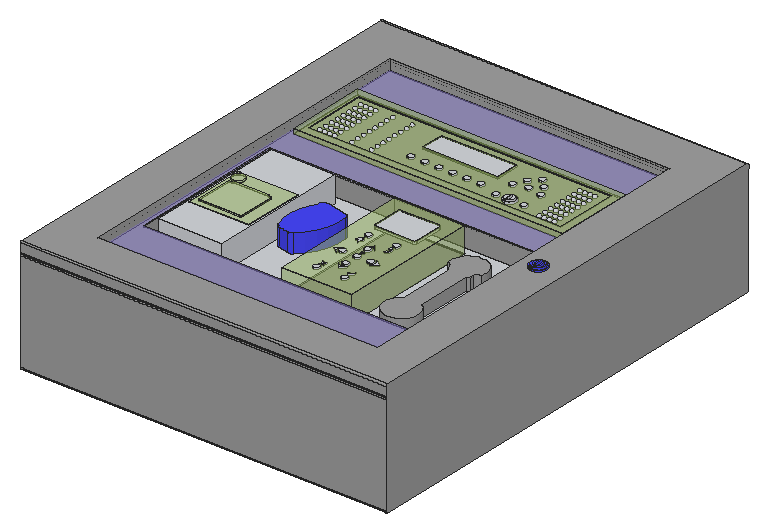
Revit family "Maxlogic Contrôle Panneaux d'Alarme Incendie Adressable Intelligent grande caisse NPTA", category Fire Alarm Devices, host Face, Revit 2021
Family settings
  Host = Face
  Maintain Annotation Orientation = Yes
  Round Connector Dimension = Use Diameter
  Part Type = Normal
  OmniClass Number = 23.85.30.21
  OmniClass Title = Environmental Detection/Registration
  Cut with Voids When Loaded = No
  Shared = No
  Room Calculation Point = No
Parameters (values of type "MaxlogicPanneau de Contrôle d'Alarme Incendie Adressable,12 boucle,1524 Adresse avec Réseau,Imprimente,Téléphone  Anonce")
  Poids = "~ 34,25 - 35,70 kg (sans batterie)"
  Boîtier de montage en surface étanche = ""
  Unité de durée de garantie = "Ans"
  Durée de la garantie réservé = "2"
  Durée de la garantie Travail = "2"
  Version = ""
  URL = "https://www.mavili.com.tr/"
  Socle montage de Surlévé = ""
  Numéro de pose des travaux publics = ""
  protection de Classe = "IP30"
  Code de Produit = "ML-12512.NPTA"
  Numèro de Téléphone = "(+)90 216 466 45 05"
  Voltage de fonctionnement (default) = ""
  voltage fonction d'opération = ""
  Tempèrature de Fonctionnement = "(-10°C) - (+55°C)"
  Largeur Nominale = "205 mm"
  Longeur Nominale = "650 mm"
  Hauteur Nominale = "800 mm"
  Surface de Montage = "Montage à Mur"
  Hauteur de Montage = ""
  Model = "MaxLogic"
  Manufacturer = "Mavili Elektronik Ticaret A.Ş."
  Manuel d'installation = "https://mavilielektronik.com/Revit/ML125XX_enkk.pdf"
  Sortie d'indicateur = ""
  Numèro de Fax = "(+)90 216 466 45 10"
  Alimentation d'externe = "220 V AC"
  E-Poste = "mavili@mavili.com.tr"
  Avertissement = ""
  Charger adresse d'appareil = ""
  Description = "Panneau de Contrôle d'Alarme Incendie Adressable,12 boucle,1524 Adresse avec Réseau,Imprimente,Téléphone  Anonce"
  Default Elevation = 0 mm
  Current de Consommation = ""
  Coût Unité = ""
  Cost = 0
  Socles Compatible = ""
  Couleur = "Rouge"
  Code de  Performance = "EN 54\u001f-2 / EN 54-\u001f4"
  Matériel Principe = "Mètale Rouge"
  Deuxime Matèriel = "Plexiglas"
  Batterie = "4 X (12V DC 7 Ah )"
  Adresse ligne 1 = "Şerifali Mahallesi Kutup Sokak No:27/1-2-4 Ümraniye TR-34775 İSTANBUL"
Reference planes
  plane 1 "Center (Front/Back)": y = 0
  plane 2: z = 0
  plane 3 "Center (Left/Right)": x = 0
Forms (mm)
  Extrusion 1, solid, material "MAVİLİ KIRMIZI"
    sketch origin (0, 0, 0) x (0, 1, 0) y (0, 0, 1)
      loop
        arc (400, 0) -> (401.202, 0.498) -> (401.7, 1.7) r 1.7
        line (401.7, 1.7) -> (401.7, 20) -> (401.7, 22) -> (401.7, 169.2) -> (401.7, 171.2) -> (401.7, 181.2)
        arc (401.7, 181.2) -> (401.319, 182.119) -> (400.4, 182.5) r 1.3
        line (400.4, 182.5) -> (375.5, 182.5) -> (375.5, 183.35) -> (400.4, 183.35)
        arc (400.4, 183.35) -> (402.238, 184.112) -> (403, 185.95) r 2.6
        line (403, 185.95) -> (403, 202.45)
        arc (403, 202.45) -> (402.268, 204.218) -> (400.5, 204.95) r 2.5
        line (400.5, 204.95) -> (-400.5, 204.95)
        arc (-400.5, 204.95) -> (-402.268, 204.218) -> (-403, 202.45) r 2.5
        line (-403, 202.45) -> (-403, 185.95)
        arc (-403, 185.95) -> (-402.238, 184.112) -> (-400.4, 183.35) r 2.6
        line (-400.4, 183.35) -> (-388, 183.35) -> (-375.4, 183.35) -> (-375.4, 182.507) -> (-400.401, 182.507)
        arc (-400.401, 182.507) -> (-401.319, 182.127) -> (-401.7, 181.208) r 1.299
        line (-401.7, 181.208) -> (-401.7, 1.7)
        arc (-401.7, 1.7) -> (-401.202, 0.498) -> (-400, 0) r 1.7
        line (-400, 0) -> (400, 0)
    from 0 to 653.309
  Extrusion 2, solid, material "MAVİLİ KOYU GRİ"
    sketch origin (0, 400.5, 204.95) x (0, -1, 0) y (1, 0, 0)
      loop
        circle (408.79, 607.566) r 14.964
    from 0 to 1.467
  Extrusion 3, solid, material "MAVİLİ KOYU GRİ"
    sketch origin (0, 400.5, 204.95) x (0, -1, 0) y (1, 0, 0)
      loop
        circle (408.79, 607.566) r 11.5
    from 0 to 3.526
  Extrusion 4, solid, material "MAVİLİ KOYU GRİ"
    sketch origin (0, 400.5, 204.95) x (0, -1, 0) y (1, 0, 0)
      loop
        circle (408.79, 607.566) r 7.5
    from 0 to 4.805
  Extrusion 5, solid, material "MAVİLİ KOYU GRİ"
    sketch origin (0, 400.5, 204.95) x (0, -1, 0) y (1, 0, 0)
      loop
        line (414.975, 609.11) -> (402.606, 609.11) -> (402.606, 606.022) -> (414.975, 606.022) -> (414.975, 609.11)
    from 0 to 7.467
  Extrusion 6, void
    sketch origin (0, 0, 0) x (1, 0, 0) y (0, 1, 0)
      loop
        line (77.8, 322.429) -> (77.8, -327.571) -> (577.8, -327.571) -> (577.8, 322.429) -> (77.8, 322.429)
    from 185.95 to 212.35
  Extrusion 7, solid, material "MAVİLİ BEYAZ"
    sketch origin (0, 0, 185.95) x (1, 0, 0) y (0, 1, 0)
      loop
        line (87.8, 238.929) -> (87.8, 95.929) -> (567.8, 95.929) -> (567.8, 238.929) -> (87.8, 238.929)
    from 0 to 11.04
  Extrusion 8, void
    sketch origin (0, 0, 196.99) x (0, 1, 0) y (1, 0, 0)
      loop
        line (223.929, 102.8) -> (223.929, 552.8) -> (110.929, 552.8) -> (110.929, 102.8) -> (223.929, 102.8)
    from 0 to 2.067
  Revolve 9, solid
    sketch origin (0, 0, 194.923) x (0, 1, 0) y (-1, 0, 0)
      loop
        line (211.929, -117.7) -> (205.929, -117.7)
        arc (205.929, -117.7) -> (208.929, -120.7) -> (211.929, -117.7) r 3
      axis (211.929, -117.7) -> (205.929, -117.7)
    angle from 0 to -180
  Revolve 10, solid
    sketch origin (9, 0, 194.923) x (0, 1, 0) y (-1, 0, 0)
      loop
        line (211.929, -117.7) -> (205.929, -117.7)
        arc (205.929, -117.7) -> (208.929, -120.7) -> (211.929, -117.7) r 3
      axis (211.929, -117.7) -> (205.929, -117.7)
    angle from 0 to -180
  Revolve 11, solid
    sketch origin (18, 0, 194.923) x (0, 1, 0) y (-1, 0, 0)
      loop
        line (211.929, -117.7) -> (205.929, -117.7)
        arc (205.929, -117.7) -> (208.929, -120.7) -> (211.929, -117.7) r 3
      axis (211.929, -117.7) -> (205.929, -117.7)
    angle from 0 to -180
  Revolve 12, solid
    sketch origin (27, 0, 194.923) x (0, 1, 0) y (-1, 0, 0)
      loop
        line (211.929, -117.7) -> (205.929, -117.7)
        arc (205.929, -117.7) -> (208.929, -120.7) -> (211.929, -117.7) r 3
      axis (211.929, -117.7) -> (205.929, -117.7)
    angle from 0 to -180
  Revolve 13, solid
    sketch origin (0, -13, 194.923) x (0, 1, 0) y (-1, 0, 0)
      loop
        line (211.929, -117.7) -> (205.929, -117.7)
        arc (205.929, -117.7) -> (208.929, -120.7) -> (211.929, -117.7) r 3
      axis (211.929, -117.7) -> (205.929, -117.7)
    angle from 0 to -180
  Revolve 14, solid
    sketch origin (9, -13, 194.923) x (0, 1, 0) y (-1, 0, 0)
      loop
        line (211.929, -117.7) -> (205.929, -117.7)
        arc (205.929, -117.7) -> (208.929, -120.7) -> (211.929, -117.7) r 3
      axis (211.929, -117.7) -> (205.929, -117.7)
    angle from 0 to -180
  Revolve 15, solid
    sketch origin (18, -13, 194.923) x (0, 1, 0) y (-1, 0, 0)
      loop
        line (211.929, -117.7) -> (205.929, -117.7)
        arc (205.929, -117.7) -> (208.929, -120.7) -> (211.929, -117.7) r 3
      axis (211.929, -117.7) -> (205.929, -117.7)
    angle from 0 to -180
  Revolve 16, solid
    sketch origin (27, -13, 194.923) x (0, 1, 0) y (-1, 0, 0)
      loop
        line (211.929, -117.7) -> (205.929, -117.7)
        arc (205.929, -117.7) -> (208.929, -120.7) -> (211.929, -117.7) r 3
      axis (211.929, -117.7) -> (205.929, -117.7)
    angle from 0 to -180
  Revolve 17, solid
    sketch origin (0, -26, 194.923) x (0, 1, 0) y (-1, 0, 0)
      loop
        line (211.929, -117.7) -> (205.929, -117.7)
        arc (205.929, -117.7) -> (208.929, -120.7) -> (211.929, -117.7) r 3
      axis (211.929, -117.7) -> (205.929, -117.7)
    angle from 0 to -180
  Revolve 18, solid
    sketch origin (9, -26, 194.923) x (0, 1, 0) y (-1, 0, 0)
      loop
        line (211.929, -117.7) -> (205.929, -117.7)
        arc (205.929, -117.7) -> (208.929, -120.7) -> (211.929, -117.7) r 3
      axis (211.929, -117.7) -> (205.929, -117.7)
    angle from 0 to -180
  Revolve 19, solid
    sketch origin (18, -26, 194.923) x (0, 1, 0) y (-1, 0, 0)
      loop
        line (211.929, -117.7) -> (205.929, -117.7)
        arc (205.929, -117.7) -> (208.929, -120.7) -> (211.929, -117.7) r 3
      axis (211.929, -117.7) -> (205.929, -117.7)
    angle from 0 to -180
  Revolve 20, solid
    sketch origin (27, -26, 194.923) x (0, 1, 0) y (-1, 0, 0)
      loop
        line (211.929, -117.7) -> (205.929, -117.7)
        arc (205.929, -117.7) -> (208.929, -120.7) -> (211.929, -117.7) r 3
      axis (211.929, -117.7) -> (205.929, -117.7)
    angle from 0 to -180
  Revolve 21, solid
    sketch origin (0, -39, 194.923) x (0, 1, 0) y (-1, 0, 0)
      loop
        line (211.929, -117.7) -> (205.929, -117.7)
        arc (205.929, -117.7) -> (208.929, -120.7) -> (211.929, -117.7) r 3
      axis (211.929, -117.7) -> (205.929, -117.7)
    angle from 0 to -180
  Revolve 22, solid
    sketch origin (9, -39, 194.923) x (0, 1, 0) y (-1, 0, 0)
      loop
        line (211.929, -117.7) -> (205.929, -117.7)
        arc (205.929, -117.7) -> (208.929, -120.7) -> (211.929, -117.7) r 3
      axis (211.929, -117.7) -> (205.929, -117.7)
    angle from 0 to -180
  Revolve 23, solid
    sketch origin (18, -39, 194.923) x (0, 1, 0) y (-1, 0, 0)
      loop
        line (211.929, -117.7) -> (205.929, -117.7)
        arc (205.929, -117.7) -> (208.929, -120.7) -> (211.929, -117.7) r 3
      axis (211.929, -117.7) -> (205.929, -117.7)
    angle from 0 to -180
  Revolve 24, solid
    sketch origin (27, -39, 194.923) x (0, 1, 0) y (-1, 0, 0)
      loop
        line (211.929, -117.7) -> (205.929, -117.7)
        arc (205.929, -117.7) -> (208.929, -120.7) -> (211.929, -117.7) r 3
      axis (211.929, -117.7) -> (205.929, -117.7)
    angle from 0 to -180
  Revolve 25, solid
    sketch origin (0, -52, 194.923) x (0, 1, 0) y (-1, 0, 0)
      loop
        line (211.929, -117.7) -> (205.929, -117.7)
        arc (205.929, -117.7) -> (208.929, -120.7) -> (211.929, -117.7) r 3
      axis (211.929, -117.7) -> (205.929, -117.7)
    angle from 0 to -180
  Revolve 26, solid
    sketch origin (9, -52, 194.923) x (0, 1, 0) y (-1, 0, 0)
      loop
        line (211.929, -117.7) -> (205.929, -117.7)
        arc (205.929, -117.7) -> (208.929, -120.7) -> (211.929, -117.7) r 3
      axis (211.929, -117.7) -> (205.929, -117.7)
    angle from 0 to -180
  Revolve 27, solid
    sketch origin (18, -52, 194.923) x (0, 1, 0) y (-1, 0, 0)
      loop
        line (211.929, -117.7) -> (205.929, -117.7)
        arc (205.929, -117.7) -> (208.929, -120.7) -> (211.929, -117.7) r 3
      axis (211.929, -117.7) -> (205.929, -117.7)
    angle from 0 to -180
  Revolve 28, solid
    sketch origin (27, -52, 194.923) x (0, 1, 0) y (-1, 0, 0)
      loop
        line (211.929, -117.7) -> (205.929, -117.7)
        arc (205.929, -117.7) -> (208.929, -120.7) -> (211.929, -117.7) r 3
      axis (211.929, -117.7) -> (205.929, -117.7)
    angle from 0 to -180
  Revolve 29, solid
    sketch origin (0, -65, 194.923) x (0, 1, 0) y (-1, 0, 0)
      loop
        line (211.929, -117.7) -> (205.929, -117.7)
        arc (205.929, -117.7) -> (208.929, -120.7) -> (211.929, -117.7) r 3
      axis (211.929, -117.7) -> (205.929, -117.7)
    angle from 0 to -180
  Revolve 30, solid
    sketch origin (9, -65, 194.923) x (0, 1, 0) y (-1, 0, 0)
      loop
        line (211.929, -117.7) -> (205.929, -117.7)
        arc (205.929, -117.7) -> (208.929, -120.7) -> (211.929, -117.7) r 3
      axis (211.929, -117.7) -> (205.929, -117.7)
    angle from 0 to -180
  Revolve 31, solid
    sketch origin (18, -65, 194.923) x (0, 1, 0) y (-1, 0, 0)
      loop
        line (211.929, -117.7) -> (205.929, -117.7)
        arc (205.929, -117.7) -> (208.929, -120.7) -> (211.929, -117.7) r 3
      axis (211.929, -117.7) -> (205.929, -117.7)
    angle from 0 to -180
  Revolve 32, solid
    sketch origin (27, -65, 194.923) x (0, 1, 0) y (-1, 0, 0)
      loop
        line (211.929, -117.7) -> (205.929, -117.7)
        arc (205.929, -117.7) -> (208.929, -120.7) -> (211.929, -117.7) r 3
      axis (211.929, -117.7) -> (205.929, -117.7)
    angle from 0 to -180
  Revolve 33, solid
    sketch origin (0, -78, 194.923) x (0, 1, 0) y (-1, 0, 0)
      loop
        line (211.929, -117.7) -> (205.929, -117.7)
        arc (205.929, -117.7) -> (208.929, -120.7) -> (211.929, -117.7) r 3
      axis (211.929, -117.7) -> (205.929, -117.7)
    angle from 0 to -180
  Revolve 34, solid
    sketch origin (9, -78, 194.923) x (0, 1, 0) y (-1, 0, 0)
      loop
        line (211.929, -117.7) -> (205.929, -117.7)
        arc (205.929, -117.7) -> (208.929, -120.7) -> (211.929, -117.7) r 3
      axis (211.929, -117.7) -> (205.929, -117.7)
    angle from 0 to -180
  Revolve 35, solid
    sketch origin (18, -78, 194.923) x (0, 1, 0) y (-1, 0, 0)
      loop
        line (211.929, -117.7) -> (205.929, -117.7)
        arc (205.929, -117.7) -> (208.929, -120.7) -> (211.929, -117.7) r 3
      axis (211.929, -117.7) -> (205.929, -117.7)
    angle from 0 to -180
  Revolve 36, solid
    sketch origin (27, -78, 194.923) x (0, 1, 0) y (-1, 0, 0)
      loop
        line (211.929, -117.7) -> (205.929, -117.7)
        arc (205.929, -117.7) -> (208.929, -120.7) -> (211.929, -117.7) r 3
      axis (211.929, -117.7) -> (205.929, -117.7)
    angle from 0 to -180
  Revolve 37, solid
    sketch origin (0, -91, 194.923) x (0, 1, 0) y (-1, 0, 0)
      loop
        line (211.929, -117.7) -> (205.929, -117.7)
        arc (205.929, -117.7) -> (208.929, -120.7) -> (211.929, -117.7) r 3
      axis (211.929, -117.7) -> (205.929, -117.7)
    angle from 0 to -180
  Revolve 38, solid
    sketch origin (9, -91, 194.923) x (0, 1, 0) y (-1, 0, 0)
      loop
        line (211.929, -117.7) -> (205.929, -117.7)
        arc (205.929, -117.7) -> (208.929, -120.7) -> (211.929, -117.7) r 3
      axis (211.929, -117.7) -> (205.929, -117.7)
    angle from 0 to -180
  Revolve 39, solid
    sketch origin (18, -91, 194.923) x (0, 1, 0) y (-1, 0, 0)
      loop
        line (211.929, -117.7) -> (205.929, -117.7)
        arc (205.929, -117.7) -> (208.929, -120.7) -> (211.929, -117.7) r 3
      axis (211.929, -117.7) -> (205.929, -117.7)
    angle from 0 to -180
  Revolve 40, solid
    sketch origin (27, -91, 194.923) x (0, 1, 0) y (-1, 0, 0)
      loop
        line (211.929, -117.7) -> (205.929, -117.7)
        arc (205.929, -117.7) -> (208.929, -120.7) -> (211.929, -117.7) r 3
      axis (211.929, -117.7) -> (205.929, -117.7)
    angle from 0 to -180
  Revolve 41, solid
    sketch origin (57, 0, 194.923) x (0, 1, 0) y (-1, 0, 0)
      loop
        line (211.929, -117.7) -> (205.929, -117.7)
        arc (205.929, -117.7) -> (208.929, -120.7) -> (211.929, -117.7) r 3
      axis (211.929, -117.7) -> (205.929, -117.7)
    angle from 0 to -180
  Revolve 42, solid
    sketch origin (57, -13, 194.923) x (0, 1, 0) y (-1, 0, 0)
      loop
        line (211.929, -117.7) -> (205.929, -117.7)
        arc (205.929, -117.7) -> (208.929, -120.7) -> (211.929, -117.7) r 3
      axis (211.929, -117.7) -> (205.929, -117.7)
    angle from 0 to -180
  Revolve 43, solid
    sketch origin (57, -26, 194.923) x (0, 1, 0) y (-1, 0, 0)
      loop
        line (211.929, -117.7) -> (205.929, -117.7)
        arc (205.929, -117.7) -> (208.929, -120.7) -> (211.929, -117.7) r 3
      axis (211.929, -117.7) -> (205.929, -117.7)
    angle from 0 to -180
  Revolve 44, solid
    sketch origin (57, -39, 194.923) x (0, 1, 0) y (-1, 0, 0)
      loop
        line (211.929, -117.7) -> (205.929, -117.7)
        arc (205.929, -117.7) -> (208.929, -120.7) -> (211.929, -117.7) r 3
      axis (211.929, -117.7) -> (205.929, -117.7)
    angle from 0 to -180
  Revolve 45, solid
    sketch origin (57, -52, 194.923) x (0, 1, 0) y (-1, 0, 0)
      loop
        line (211.929, -117.7) -> (205.929, -117.7)
        arc (205.929, -117.7) -> (208.929, -120.7) -> (211.929, -117.7) r 3
      axis (211.929, -117.7) -> (205.929, -117.7)
    angle from 0 to -180
  Revolve 46, solid
    sketch origin (57, -65, 194.923) x (0, 1, 0) y (-1, 0, 0)
      loop
        line (211.929, -117.7) -> (205.929, -117.7)
        arc (205.929, -117.7) -> (208.929, -120.7) -> (211.929, -117.7) r 3
      axis (211.929, -117.7) -> (205.929, -117.7)
    angle from 0 to -180
  Revolve 47, solid
    sketch origin (57, -78, 194.923) x (0, 1, 0) y (-1, 0, 0)
      loop
        line (211.929, -117.7) -> (205.929, -117.7)
        arc (205.929, -117.7) -> (208.929, -120.7) -> (211.929, -117.7) r 3
      axis (211.929, -117.7) -> (205.929, -117.7)
    angle from 0 to -180
  Revolve 48, solid
    sketch origin (57, -91, 194.923) x (0, 1, 0) y (-1, 0, 0)
      loop
        line (211.929, -117.7) -> (205.929, -117.7)
        arc (205.929, -117.7) -> (208.929, -120.7) -> (211.929, -117.7) r 3
      axis (211.929, -117.7) -> (205.929, -117.7)
    angle from 0 to -180
  Revolve 49, solid
    sketch origin (92, 0, 194.923) x (0, 1, 0) y (-1, 0, 0)
      loop
        line (211.929, -117.7) -> (205.929, -117.7)
        arc (205.929, -117.7) -> (208.929, -120.7) -> (211.929, -117.7) r 3
      axis (211.929, -117.7) -> (205.929, -117.7)
    angle from 0 to -180
  Revolve 50, solid
    sketch origin (92, -13, 194.923) x (0, 1, 0) y (-1, 0, 0)
      loop
        line (211.929, -117.7) -> (205.929, -117.7)
        arc (205.929, -117.7) -> (208.929, -120.7) -> (211.929, -117.7) r 3
      axis (211.929, -117.7) -> (205.929, -117.7)
    angle from 0 to -180
  Revolve 51, solid
    sketch origin (92, -26, 194.923) x (0, 1, 0) y (-1, 0, 0)
      loop
        line (211.929, -117.7) -> (205.929, -117.7)
        arc (205.929, -117.7) -> (208.929, -120.7) -> (211.929, -117.7) r 3
      axis (211.929, -117.7) -> (205.929, -117.7)
    angle from 0 to -180
  Revolve 52, solid
    sketch origin (92, -39, 194.923) x (0, 1, 0) y (-1, 0, 0)
      loop
        line (211.929, -117.7) -> (205.929, -117.7)
        arc (205.929, -117.7) -> (208.929, -120.7) -> (211.929, -117.7) r 3
      axis (211.929, -117.7) -> (205.929, -117.7)
    angle from 0 to -180
  Revolve 53, solid
    sketch origin (92, -52, 194.923) x (0, 1, 0) y (-1, 0, 0)
      loop
        line (211.929, -117.7) -> (205.929, -117.7)
        arc (205.929, -117.7) -> (208.929, -120.7) -> (211.929, -117.7) r 3
      axis (211.929, -117.7) -> (205.929, -117.7)
    angle from 0 to -180
  Revolve 54, solid
    sketch origin (92, -65, 194.923) x (0, 1, 0) y (-1, 0, 0)
      loop
        line (211.929, -117.7) -> (205.929, -117.7)
        arc (205.929, -117.7) -> (208.929, -120.7) -> (211.929, -117.7) r 3
      axis (211.929, -117.7) -> (205.929, -117.7)
    angle from 0 to -180
  Revolve 55, solid
    sketch origin (92, -78, 194.923) x (0, 1, 0) y (-1, 0, 0)
      loop
        line (211.929, -117.7) -> (205.929, -117.7)
        arc (205.929, -117.7) -> (208.929, -120.7) -> (211.929, -117.7) r 3
      axis (211.929, -117.7) -> (205.929, -117.7)
    angle from 0 to -180
  Revolve 56, solid
    sketch origin (92, -91, 194.923) x (0, 1, 0) y (-1, 0, 0)
      loop
        line (211.929, -117.7) -> (205.929, -117.7)
        arc (205.929, -117.7) -> (208.929, -120.7) -> (211.929, -117.7) r 3
      axis (211.929, -117.7) -> (205.929, -117.7)
    angle from 0 to -180
  Extrusion 57, solid
    sketch origin (0, 0, 194.923) x (0, 1, 0) y (-1, 0, 0)
      loop
        circle (137.429, -264.2) r 5.5
    from 0 to 1.44
  Extrusion 58, solid
    sketch origin (25, 0, 194.923) x (0, 1, 0) y (-1, 0, 0)
      loop
        circle (137.429, -264.2) r 5.5
    from 0 to 1.44
  Extrusion 59, solid
    sketch origin (50, 0, 194.923) x (0, 1, 0) y (-1, 0, 0)
      loop
        circle (137.429, -264.2) r 5.5
    from 0 to 1.44
  Extrusion 60, solid
    sketch origin (75, 0, 194.923) x (0, 1, 0) y (-1, 0, 0)
      loop
        circle (137.429, -264.2) r 5.5
    from 0 to 1.44
  Extrusion 61, solid
    sketch origin (100, 0, 194.923) x (0, 1, 0) y (-1, 0, 0)
      loop
        circle (137.429, -264.2) r 5.5
    from 0 to 1.44
  Extrusion 62, solid
    sketch origin (125, 0, 194.923) x (0, 1, 0) y (-1, 0, 0)
      loop
        circle (137.429, -264.2) r 5.5
    from 0 to 1.44
  Extrusion 63, solid
    sketch origin (159.838, -9.99, 194.923) x (0, 1, 0) y (-1, 0, 0)
      loop
        circle (137.429, -264.2) r 5.5
    from 0 to 1.44
  Extrusion 64, solid
    sketch origin (209.838, -9.99, 194.923) x (0, 1, 0) y (-1, 0, 0)
      loop
        circle (137.429, -264.2) r 5.5
    from 0 to 1.44
  Extrusion 65, solid
    sketch origin (209.838, 27.51, 194.923) x (0, 1, 0) y (-1, 0, 0)
      loop
        circle (137.429, -264.2) r 5.5
    from 0 to 1.44
  Extrusion 66, solid
    sketch origin (184.09, 32.515, 194.923) x (0, 1, 0) y (-1, 0, 0)
      loop
        circle (137.429, -264.2) r 5.5
    from 0 to 1.44
  Extrusion 67, solid
    sketch origin (159.636, 27.318, 194.923) x (0, 1, 0) y (-1, 0, 0)
      loop
        circle (137.429, -264.2) r 5.5
    from 0 to 1.44
  Extrusion 68, solid
    sketch origin (169.48, 47.5, 194.923) x (0, 1, 0) y (-1, 0, 0)
      loop
        circle (137.429, -264.2) r 5.5
    from 0 to 1.44
  Extrusion 69, solid
    sketch origin (199.52, 47.5, 194.923) x (0, 1, 0) y (-1, 0, 0)
      loop
        circle (137.429, -264.2) r 5.5
    from 0 to 1.44
  Extrusion 70, solid
    sketch origin (184.52, 62.5, 194.923) x (0, 1, 0) y (-1, 0, 0)
      loop
        circle (137.429, -264.2) r 5.5
    from 0 to 1.44
  Revolve 71, solid
    sketch origin (391, 0, 194.923) x (0, 1, 0) y (-1, 0, 0)
      loop
        line (211.929, -117.7) -> (205.929, -117.7)
        arc (205.929, -117.7) -> (208.929, -120.7) -> (211.929, -117.7) r 3
      axis (211.929, -117.7) -> (205.929, -117.7)
    angle from 0 to -180
  Revolve 72, solid
    sketch origin (400, 0, 194.923) x (0, 1, 0) y (-1, 0, 0)
      loop
        line (211.929, -117.7) -> (205.929, -117.7)
        arc (205.929, -117.7) -> (208.929, -120.7) -> (211.929, -117.7) r 3
      axis (211.929, -117.7) -> (205.929, -117.7)
    angle from 0 to -180
  Revolve 73, solid
    sketch origin (409, 0, 194.923) x (0, 1, 0) y (-1, 0, 0)
      loop
        line (211.929, -117.7) -> (205.929, -117.7)
        arc (205.929, -117.7) -> (208.929, -120.7) -> (211.929, -117.7) r 3
      axis (211.929, -117.7) -> (205.929, -117.7)
    angle from 0 to -180
  Revolve 74, solid
    sketch origin (418, 0, 194.923) x (0, 1, 0) y (-1, 0, 0)
      loop
        line (211.929, -117.7) -> (205.929, -117.7)
        arc (205.929, -117.7) -> (208.929, -120.7) -> (211.929, -117.7) r 3
      axis (211.929, -117.7) -> (205.929, -117.7)
    angle from 0 to -180
  Revolve 75, solid
    sketch origin (391, -13, 194.923) x (0, 1, 0) y (-1, 0, 0)
      loop
        line (211.929, -117.7) -> (205.929, -117.7)
        arc (205.929, -117.7) -> (208.929, -120.7) -> (211.929, -117.7) r 3
      axis (211.929, -117.7) -> (205.929, -117.7)
    angle from 0 to -180
  Revolve 76, solid
    sketch origin (400, -13, 194.923) x (0, 1, 0) y (-1, 0, 0)
      loop
        line (211.929, -117.7) -> (205.929, -117.7)
        arc (205.929, -117.7) -> (208.929, -120.7) -> (211.929, -117.7) r 3
      axis (211.929, -117.7) -> (205.929, -117.7)
    angle from 0 to -180
  Revolve 77, solid
    sketch origin (409, -13, 194.923) x (0, 1, 0) y (-1, 0, 0)
      loop
        line (211.929, -117.7) -> (205.929, -117.7)
        arc (205.929, -117.7) -> (208.929, -120.7) -> (211.929, -117.7) r 3
      axis (211.929, -117.7) -> (205.929, -117.7)
    angle from 0 to -180
  Revolve 78, solid
    sketch origin (418, -13, 194.923) x (0, 1, 0) y (-1, 0, 0)
      loop
        line (211.929, -117.7) -> (205.929, -117.7)
        arc (205.929, -117.7) -> (208.929, -120.7) -> (211.929, -117.7) r 3
      axis (211.929, -117.7) -> (205.929, -117.7)
    angle from 0 to -180
  Revolve 79, solid
    sketch origin (391, -26, 194.923) x (0, 1, 0) y (-1, 0, 0)
      loop
        line (211.929, -117.7) -> (205.929, -117.7)
        arc (205.929, -117.7) -> (208.929, -120.7) -> (211.929, -117.7) r 3
      axis (211.929, -117.7) -> (205.929, -117.7)
    angle from 0 to -180
  Revolve 80, solid
    sketch origin (400, -26, 194.923) x (0, 1, 0) y (-1, 0, 0)
      loop
        line (211.929, -117.7) -> (205.929, -117.7)
        arc (205.929, -117.7) -> (208.929, -120.7) -> (211.929, -117.7) r 3
      axis (211.929, -117.7) -> (205.929, -117.7)
    angle from 0 to -180
  Revolve 81, solid
    sketch origin (409, -26, 194.923) x (0, 1, 0) y (-1, 0, 0)
      loop
        line (211.929, -117.7) -> (205.929, -117.7)
        arc (205.929, -117.7) -> (208.929, -120.7) -> (211.929, -117.7) r 3
      axis (211.929, -117.7) -> (205.929, -117.7)
    angle from 0 to -180
  Revolve 82, solid
    sketch origin (418, -26, 194.923) x (0, 1, 0) y (-1, 0, 0)
      loop
        line (211.929, -117.7) -> (205.929, -117.7)
        arc (205.929, -117.7) -> (208.929, -120.7) -> (211.929, -117.7) r 3
      axis (211.929, -117.7) -> (205.929, -117.7)
    angle from 0 to -180
  Revolve 83, solid
    sketch origin (391, -39, 194.923) x (0, 1, 0) y (-1, 0, 0)
      loop
        line (211.929, -117.7) -> (205.929, -117.7)
        arc (205.929, -117.7) -> (208.929, -120.7) -> (211.929, -117.7) r 3
      axis (211.929, -117.7) -> (205.929, -117.7)
    angle from 0 to -180
  Revolve 84, solid
    sketch origin (400, -39, 194.923) x (0, 1, 0) y (-1, 0, 0)
      loop
        line (211.929, -117.7) -> (205.929, -117.7)
        arc (205.929, -117.7) -> (208.929, -120.7) -> (211.929, -117.7) r 3
      axis (211.929, -117.7) -> (205.929, -117.7)
    angle from 0 to -180
  Revolve 85, solid
    sketch origin (409, -39, 194.923) x (0, 1, 0) y (-1, 0, 0)
      loop
        line (211.929, -117.7) -> (205.929, -117.7)
        arc (205.929, -117.7) -> (208.929, -120.7) -> (211.929, -117.7) r 3
      axis (211.929, -117.7) -> (205.929, -117.7)
    angle from 0 to -180
  Revolve 86, solid
    sketch origin (418, -39, 194.923) x (0, 1, 0) y (-1, 0, 0)
      loop
        line (211.929, -117.7) -> (205.929, -117.7)
        arc (205.929, -117.7) -> (208.929, -120.7) -> (211.929, -117.7) r 3
      axis (211.929, -117.7) -> (205.929, -117.7)
    angle from 0 to -180
  Revolve 87, solid
    sketch origin (391, -52, 194.923) x (0, 1, 0) y (-1, 0, 0)
      loop
        line (211.929, -117.7) -> (205.929, -117.7)
        arc (205.929, -117.7) -> (208.929, -120.7) -> (211.929, -117.7) r 3
      axis (211.929, -117.7) -> (205.929, -117.7)
    angle from 0 to -180
  Revolve 88, solid
    sketch origin (400, -52, 194.923) x (0, 1, 0) y (-1, 0, 0)
      loop
        line (211.929, -117.7) -> (205.929, -117.7)
        arc (205.929, -117.7) -> (208.929, -120.7) -> (211.929, -117.7) r 3
      axis (211.929, -117.7) -> (205.929, -117.7)
    angle from 0 to -180
  Revolve 89, solid
    sketch origin (409, -52, 194.923) x (0, 1, 0) y (-1, 0, 0)
      loop
        line (211.929, -117.7) -> (205.929, -117.7)
        arc (205.929, -117.7) -> (208.929, -120.7) -> (211.929, -117.7) r 3
      axis (211.929, -117.7) -> (205.929, -117.7)
    angle from 0 to -180
  Revolve 90, solid
    sketch origin (418, -52, 194.923) x (0, 1, 0) y (-1, 0, 0)
      loop
        line (211.929, -117.7) -> (205.929, -117.7)
        arc (205.929, -117.7) -> (208.929, -120.7) -> (211.929, -117.7) r 3
      axis (211.929, -117.7) -> (205.929, -117.7)
    angle from 0 to -180
  Revolve 91, solid
    sketch origin (391, -65, 194.923) x (0, 1, 0) y (-1, 0, 0)
      loop
        line (211.929, -117.7) -> (205.929, -117.7)
        arc (205.929, -117.7) -> (208.929, -120.7) -> (211.929, -117.7) r 3
      axis (211.929, -117.7) -> (205.929, -117.7)
    angle from 0 to -180
  Revolve 92, solid
    sketch origin (400, -65, 194.923) x (0, 1, 0) y (-1, 0, 0)
      loop
        line (211.929, -117.7) -> (205.929, -117.7)
        arc (205.929, -117.7) -> (208.929, -120.7) -> (211.929, -117.7) r 3
      axis (211.929, -117.7) -> (205.929, -117.7)
    angle from 0 to -180
  Revolve 93, solid
    sketch origin (409, -65, 194.923) x (0, 1, 0) y (-1, 0, 0)
      loop
        line (211.929, -117.7) -> (205.929, -117.7)
        arc (205.929, -117.7) -> (208.929, -120.7) -> (211.929, -117.7) r 3
      axis (211.929, -117.7) -> (205.929, -117.7)
    angle from 0 to -180
  Revolve 94, solid
    sketch origin (418, -65, 194.923) x (0, 1, 0) y (-1, 0, 0)
      loop
        line (211.929, -117.7) -> (205.929, -117.7)
        arc (205.929, -117.7) -> (208.929, -120.7) -> (211.929, -117.7) r 3
      axis (211.929, -117.7) -> (205.929, -117.7)
    angle from 0 to -180
  Revolve 95, solid
    sketch origin (391, -78, 194.923) x (0, 1, 0) y (-1, 0, 0)
      loop
        line (211.929, -117.7) -> (205.929, -117.7)
        arc (205.929, -117.7) -> (208.929, -120.7) -> (211.929, -117.7) r 3
      axis (211.929, -117.7) -> (205.929, -117.7)
    angle from 0 to -180
  Revolve 96, solid
    sketch origin (400, -78, 194.923) x (0, 1, 0) y (-1, 0, 0)
      loop
        line (211.929, -117.7) -> (205.929, -117.7)
        arc (205.929, -117.7) -> (208.929, -120.7) -> (211.929, -117.7) r 3
      axis (211.929, -117.7) -> (205.929, -117.7)
    angle from 0 to -180
  Revolve 97, solid
    sketch origin (409, -78, 194.923) x (0, 1, 0) y (-1, 0, 0)
      loop
        line (211.929, -117.7) -> (205.929, -117.7)
        arc (205.929, -117.7) -> (208.929, -120.7) -> (211.929, -117.7) r 3
      axis (211.929, -117.7) -> (205.929, -117.7)
    angle from 0 to -180
  Revolve 98, solid
    sketch origin (418, -78, 194.923) x (0, 1, 0) y (-1, 0, 0)
      loop
        line (211.929, -117.7) -> (205.929, -117.7)
        arc (205.929, -117.7) -> (208.929, -120.7) -> (211.929, -117.7) r 3
      axis (211.929, -117.7) -> (205.929, -117.7)
    angle from 0 to -180
  Revolve 99, solid
    sketch origin (391, -91, 194.923) x (0, 1, 0) y (-1, 0, 0)
      loop
        line (211.929, -117.7) -> (205.929, -117.7)
        arc (205.929, -117.7) -> (208.929, -120.7) -> (211.929, -117.7) r 3
      axis (211.929, -117.7) -> (205.929, -117.7)
    angle from 0 to -180
  Revolve 100, solid
    sketch origin (400, -91, 194.923) x (0, 1, 0) y (-1, 0, 0)
      loop
        line (211.929, -117.7) -> (205.929, -117.7)
        arc (205.929, -117.7) -> (208.929, -120.7) -> (211.929, -117.7) r 3
      axis (211.929, -117.7) -> (205.929, -117.7)
    angle from 0 to -180
  Revolve 101, solid
    sketch origin (409, -91, 194.923) x (0, 1, 0) y (-1, 0, 0)
      loop
        line (211.929, -117.7) -> (205.929, -117.7)
        arc (205.929, -117.7) -> (208.929, -120.7) -> (211.929, -117.7) r 3
      axis (211.929, -117.7) -> (205.929, -117.7)
    angle from 0 to -180
  Revolve 102, solid
    sketch origin (418, -91, 194.923) x (0, 1, 0) y (-1, 0, 0)
      loop
        line (211.929, -117.7) -> (205.929, -117.7)
        arc (205.929, -117.7) -> (208.929, -120.7) -> (211.929, -117.7) r 3
      axis (211.929, -117.7) -> (205.929, -117.7)
    angle from 0 to -180
  Extrusion 103, solid
    sketch origin (0, 0, 194.923) x (0, 1, 0) y (-1, 0, 0)
      loop
        circle (127.429, -448.7) r 11
    from 0 to 3
  Extrusion 104, solid
    sketch origin (0, 0, 194.923) x (0, 1, 0) y (-1, 0, 0)
      loop
        circle (127.429, -448.7) r 8.113
    from 0 to 5
  Extrusion 105, solid
    sketch origin (0, 0, 194.923) x (0, 1, 0) y (-1, 0, 0)
      loop
        line (131.17, -447.45) -> (121.17, -447.45) -> (121.17, -449.95) -> (131.17, -449.95) -> (131.17, -447.45)
    from 0 to 7
  Extrusion 106, void
    sketch origin (0, 0, 194.923) x (-1, 0, 0) y (0, 1, 0)
      loop
        line (-259.7, 210.929) -> (-393.7, 210.929) -> (-393.7, 169.929) -> (-259.7, 169.929) -> (-259.7, 210.929)
    from 0 to 4.399
  Extrusion 107, solid, material "MAVİLİ SİYAH"
    sketch origin (0, 0, 185.95) x (1, 0, 0) y (0, 1, 0)
      loop
        line (77.8, 322.429) -> (77.8, -327.571) -> (577.8, -327.571) -> (577.8, 322.429) -> (77.8, 322.429)
      loop
        line (87.8, 238.929) -> (87.8, 95.929) -> (567.8, 95.929) -> (567.8, 238.929) -> (87.8, 238.929)
      loop
        line (87.8, 44.429) -> (87.8, -237.571) -> (567.8, -237.571) -> (567.8, 44.429) -> (87.8, 44.429)
    from 0 to 2
  Extrusion 108, void
    sketch origin (0, 0, 185.95) x (0, 1, 0) y (1, 0, 0)
      loop
        line (44.429, 87.8) -> (44.429, 567.8) -> (-237.571, 567.8) -> (-237.571, 87.8) -> (44.429, 87.8)
    from -8.973 to 35.649
  Extrusion 109, solid, material "MAVİLİ BEYAZ"
    sketch origin (0, 0, 150.301) x (0, 1, 0) y (-1, 0, 0)
      loop
        line (29.429, -322.2) -> (-222.571, -322.2) -> (-222.571, -447.2) -> (29.429, -447.2) -> (29.429, -322.2)
    from 0 to 46.689
  Extrusion 110, void
    sketch origin (0, 0, 196.99) x (-1, 0, 0) y (0, 1, 0)
      loop
        arc (-418.722, 7.929) -> (-420.828, 7.057) -> (-421.7, 4.952) r 2.978
        line (-421.7, 4.952) -> (-421.7, -46.721)
        arc (-421.7, -46.721) -> (-420.719, -49.09) -> (-418.35, -50.071) r 3.35
        line (-418.35, -50.071) -> (-350.678, -50.071)
        arc (-350.678, -50.071) -> (-348.572, -49.199) -> (-347.7, -47.093) r 2.978
        line (-347.7, -47.093) -> (-347.7, 4.579)
        arc (-347.7, 4.579) -> (-348.681, 6.948) -> (-351.05, 7.929) r 3.35
        line (-351.05, 7.929) -> (-418.722, 7.929)
    from 0 to 4.328
  Extrusion 111, solid
    sketch origin (0, 0, 196.99) x (0, 1, 0) y (-1, 0, 0)
      loop
        circle (-76.571, -359.7) r 5.5
    from 0 to 1.215
  Extrusion 112, solid
    sketch origin (50, 0, 196.99) x (0, 1, 0) y (-1, 0, 0)
      loop
        circle (-76.571, -359.7) r 5.5
    from 0 to 1.215
  Extrusion 113, solid
    sketch origin (24.619, -32.487, 196.99) x (0, 1, 0) y (-1, 0, 0)
      loop
        circle (-76.571, -359.7) r 5.5
    from 0 to 1.215
  Extrusion 114, solid
    sketch origin (-0.381, -57.487, 196.99) x (0, 1, 0) y (-1, 0, 0)
      loop
        circle (-76.571, -359.7) r 5.5
    from 0 to 1.215
  Extrusion 115, solid
    sketch origin (25.381, -57.487, 196.99) x (0, 1, 0) y (-1, 0, 0)
      loop
        circle (-76.571, -359.7) r 5.5
    from 0 to 1.215
  Extrusion 116, solid
    sketch origin (50.381, -57.487, 196.99) x (0, 1, 0) y (-1, 0, 0)
      loop
        circle (-76.571, -359.7) r 5.5
    from 0 to 1.215
  Extrusion 117, solid
    sketch origin (25.381, -82.487, 196.99) x (0, 1, 0) y (-1, 0, 0)
      loop
        circle (-76.571, -359.7) r 5.5
    from 0 to 1.215
  Extrusion 118, solid
    sketch origin (-0.381, -114.987, 196.99) x (0, 1, 0) y (-1, 0, 0)
      loop
        circle (-76.571, -359.7) r 5.5
    from 0 to 1.215
  Extrusion 119, solid
    sketch origin (49.619, -114.987, 196.99) x (0, 1, 0) y (-1, 0, 0)
      loop
        circle (-76.571, -359.7) r 5.5
    from 0 to 1.215
  Extrusion 120, solid
    sketch origin (0, 0, 196.99) x (0, 1, 0) y (-1, 0, 0)
      loop
        line (-89.858, -352.987) -> (-95.854, -352.987) -> (-95.854, -355.963) -> (-100.567, -360.676) -> (-95.341, -360.676)
        arc (-95.341, -360.676) -> (-92.599, -363.417) -> (-89.858, -360.676) r 2.741
        line (-89.858, -360.676) -> (-85.146, -360.676) -> (-89.858, -355.964) -> (-89.858, -352.987)
      loop
        line (-95.854, -407.275) -> (-100.553, -405.565) -> (-101.361, -407.785)
        arc (-101.361, -407.785) -> (-101.458, -408.8) -> (-101.05, -409.734) r 2.031
        arc (-101.05, -409.734) -> (-93.528, -413.779) -> (-85.449, -411.014) r 10.675
        arc (-85.449, -411.014) -> (-84.55, -409.677) -> (-84.379, -408.075) r 3.353
        line (-84.379, -408.075) -> (-85.581, -405.827) -> (-89.619, -406.909) -> (-89.619, -408.398) -> (-89.049, -410.524)
        arc (-89.049, -410.524) -> (-92.67, -411.132) -> (-96.212, -410.164) r 8.549
        line (-96.212, -410.164) -> (-96.588, -408.76) -> (-95.854, -407.275)
      loop
        line (-93.81, -384.7) -> (-104.148, -376.91)
        arc (-104.148, -376.91) -> (-100.273, -384.682) -> (-104.148, -392.454) r 9.731
        line (-104.148, -392.454) -> (-93.81, -384.7)
      loop
        line (-174.331, -384.7) -> (-163.993, -392.454)
        arc (-163.993, -392.454) -> (-167.868, -384.682) -> (-163.993, -376.91) r 9.731
        line (-163.993, -376.91) -> (-174.331, -384.7)
      loop
        line (-134.141, -344.364) -> (-141.931, -354.674)
        arc (-141.931, -354.674) -> (-134.146, -350.827) -> (-126.388, -354.73) r 9.731
        line (-126.388, -354.73) -> (-134.141, -344.364)
      loop
        line (-134.141, -425.103) -> (-126.388, -414.737)
        arc (-126.388, -414.737) -> (-134.146, -418.64) -> (-141.931, -414.793) r 9.731
        line (-141.931, -414.793) -> (-134.141, -425.103)
      loop
        line (-126.825, -383.681) -> (-126.825, -385.786) -> (-124.969, -385.786) -> (-124.969, -383.681) -> (-126.825, -383.681)
      loop
        line (-124.447, -383.681) -> (-124.447, -385.786)
        arc (-124.447, -385.786) -> (-122.792, -386.657) -> (-121.283, -387.763) r 12.659
        arc (-121.283, -387.763) -> (-119.016, -384.799) -> (-121.581, -382.088) r 2.878
        line (-121.581, -382.088) -> (-121.792, -384.043)
        arc (-121.792, -384.043) -> (-120.648, -384.671) -> (-121.666, -385.489) r 0.785
        arc (-121.666, -385.489) -> (-122.825, -384.228) -> (-124.447, -383.681) r 3.448
      loop
        line (-176.884, -359.802) -> (-174.478, -358.413) -> (-174.478, -355.74) -> (-178.427, -358.02) -> (-182.428, -355.52) -> (-182.428, -358.254) -> (-179.951, -359.802) -> (-182.428, -361.35) -> (-182.428, -364.084) -> (-178.427, -361.584) -> (-174.478, -363.864) -> (-174.478, -361.191) -> (-176.884, -359.802)
      loop
        line (-176.139, -406.226) -> (-177.823, -404.542) -> (-182.442, -408.023) -> (-172.567, -414.401) -> (-171.327, -413.162) -> (-178.875, -408.287) -> (-176.139, -406.226)
    from 0 to 0.622
  Extrusion 121, solid
    sketch origin (0, 0, 192.662) x (-1, 0, 0) y (0, -1, 0)
      loop
        line (-347.7, -4.579) -> (-347.7, 47.093)
        arc (-347.7, 47.093) -> (-348.572, 49.199) -> (-350.678, 50.071) r 2.978
        line (-350.678, 50.071) -> (-418.35, 50.071)
        arc (-418.35, 50.071) -> (-420.719, 49.09) -> (-421.7, 46.721) r 3.35
        line (-421.7, 46.721) -> (-421.7, -4.952)
        arc (-421.7, -4.952) -> (-420.828, -7.057) -> (-418.722, -7.929) r 2.978
        line (-418.722, -7.929) -> (-351.05, -7.929)
        arc (-351.05, -7.929) -> (-348.681, -6.948) -> (-347.7, -4.579) r 3.35
    from 0 to 2.854
  Extrusion 122, solid
    sketch origin (0, 0, 192.662) x (-1, 0, 0) y (0, -1, 0)
      loop
        line (-393.7, -210.929) -> (-259.7, -210.929) -> (-259.7, -169.929) -> (-393.7, -169.929) -> (-393.7, -210.929)
    from 0 to 1.011
  Extrusion 123, solid, material "MAVİLİ KOYU GRİ"
    sketch origin (0, 0, 150.301) x (0, 1, 0) y (-1, 0, 0)
      loop
        arc (-118.26, -259.979) -> (-82.16, -283.406) -> (-39.468, -288.83) r 96.607
        arc (-39.468, -288.83) -> (-34.245, -286.777) -> (-31.276, -282.016) r 8.937
        line (-31.276, -282.016) -> (-22.533, -246.022)
        arc (-22.533, -246.022) -> (-24.6, -238.558) -> (-30.858, -233.996) r 11.764
        line (-30.858, -233.996) -> (-43.139, -227.999)
        arc (-43.139, -227.999) -> (-76.394, -221.027) -> (-110.006, -226.001) r 96.607
        arc (-110.006, -226.001) -> (-114.499, -227.861) -> (-116.36, -232.354) r 6.353
        line (-116.36, -232.354) -> (-120.735, -251.043)
        arc (-120.735, -251.043) -> (-120.639, -255.827) -> (-118.26, -259.979) r 9.666
    from 0 to 33.722
  Extrusion 124, solid
    sketch origin (0, 0, 150.301) x (0, 1, 0) y (-1, 0, 0)
      loop
        line (29.429, -102.8) -> (-222.571, -102.8) -> (-222.571, -215.2) -> (29.429, -215.2) -> (29.429, -102.8)
    from 0 to 46.7
  Extrusion 125, solid, material "MAVİLİ BEYAZ"
    sketch origin (0, 0, 197.001) x (0, 1, 0) y (-1, 0, 0)
      loop
        circle (-65.071, -119.2) r 10.8
    from 0 to 3.641
  Extrusion 126, solid, material "MAVİLİ BEYAZ"
    sketch origin (0, 0, 197.001) x (0, 1, 0) y (-1, 0, 0)
      loop
        line (-148.571, -115.7) -> (-148.571, -189.7)
        arc (-148.571, -189.7) -> (-148.278, -190.407) -> (-147.571, -190.7) r 1
        line (-147.571, -190.7) -> (-81.571, -190.7)
        arc (-81.571, -190.7) -> (-80.864, -190.407) -> (-80.571, -189.7) r 1
        line (-80.571, -189.7) -> (-80.571, -184.95) -> (-78.071, -184.95) -> (-78.071, -120.45) -> (-80.571, -120.45) -> (-80.571, -115.7)
        arc (-80.571, -115.7) -> (-80.864, -114.993) -> (-81.571, -114.7) r 1
        line (-81.571, -114.7) -> (-147.571, -114.7)
        arc (-147.571, -114.7) -> (-148.278, -114.993) -> (-148.571, -115.7) r 1
    from 0 to 3.641
  Extrusion 127, solid, material "MAVİLİ BEYAZ"
    sketch origin (0, 0, 197.001) x (0, 1, 0) y (-1, 0, 0)
      loop
        line (-48.99, -105.781) -> (-158.99, -105.781) -> (-158.99, -212.776) -> (-48.99, -212.776) -> (-48.99, -105.781)
      loop
        circle (-65.071, -119.2) r 10.8
      loop
        line (-78.071, -184.95) -> (-78.071, -120.45) -> (-80.571, -120.45) -> (-80.571, -115.7)
        arc (-80.571, -115.7) -> (-80.864, -114.993) -> (-81.571, -114.7) r 1
        line (-81.571, -114.7) -> (-147.571, -114.7)
        arc (-147.571, -114.7) -> (-148.278, -114.993) -> (-148.571, -115.7) r 1
        line (-148.571, -115.7) -> (-148.571, -189.7)
        arc (-148.571, -189.7) -> (-148.278, -190.407) -> (-147.571, -190.7) r 1
        line (-147.571, -190.7) -> (-81.571, -190.7)
        arc (-81.571, -190.7) -> (-80.864, -190.407) -> (-80.571, -189.7) r 1
        line (-80.571, -189.7) -> (-80.571, -184.95) -> (-78.071, -184.95)
    from 0 to 1
  Extrusion 128, solid
    sketch origin (0, 0, 150.301) x (0, 1, 0) y (-1, 0, 0)
      loop
        line (44.429, -87.8) -> (-237.571, -87.8) -> (-237.571, -567.8) -> (44.429, -567.8) -> (44.429, -87.8)
      loop
        line (29.429, -102.8) -> (-222.571, -102.8) -> (-222.571, -215.2) -> (29.429, -215.2) -> (29.429, -102.8)
      loop
        line (29.429, -322.2) -> (-222.571, -322.2) -> (-222.571, -447.2) -> (29.429, -447.2) -> (29.429, -322.2)
    from 0 to 1
  Extrusion 129, solid, material "MAVİLİ KIRMIZI"
    sketch origin (0, 0, 150.301) x (-1, 0, 0) y (0, 1, 0)
      loop
        arc (-466.687, -33.13) -> (-496.687, 5.743) -> (-526.687, -33.13) r 31.013
        arc (-526.687, -33.13) -> (-520.521, -35.356) -> (-517.258, -41.042) r 9.516
        line (-517.258, -41.042) -> (-517.545, -45.452)
        arc (-517.545, -45.452) -> (-515.452, -48.404) -> (-512.5, -50.497) r 10.78
        line (-512.5, -50.497) -> (-512.5, -148.675)
        arc (-512.5, -148.675) -> (-496.778, -205.38) -> (-481.057, -148.675) r 30.532
        line (-481.057, -148.675) -> (-481.057, -50.582)
        arc (-481.057, -50.582) -> (-477.994, -48.474) -> (-475.83, -45.452) r 10.78
        line (-475.83, -45.452) -> (-476.116, -41.042)
        arc (-476.116, -41.042) -> (-472.853, -35.356) -> (-466.687, -33.13) r 9.516
    from -22.05 to 10
  Extrusion 130, solid, material "Glass"
    sketch origin (0, 0, 187.95) x (1, 0, 0) y (0, 1, 0)
      loop
        line (77.8, 322.429) -> (77.8, -327.571) -> (577.8, -327.571) -> (577.8, 322.429) -> (77.8, 322.429)
    from 9.04 to 14.339
  Extrusion 131, solid
    sketch origin (0, 0, 0) x (1, 0, 0) y (0, 0, 1)
      loop
        line (575.828, 96.743) -> (574.511, 96.743)
        arc (574.511, 96.743) -> (574.427, 95.036) -> (574.511, 93.33) r 17.356
        line (574.511, 93.33) -> (575.838, 93.33)
        arc (575.838, 93.33) -> (586.7, 84.067) -> (597.562, 93.33) r 11
        line (597.562, 93.33) -> (598.889, 93.33)
        arc (598.889, 93.33) -> (598.973, 95.036) -> (598.889, 96.743) r 17.356
        line (598.889, 96.743) -> (597.572, 96.743)
        arc (597.572, 96.743) -> (586.7, 106.067) -> (575.828, 96.743) r 11
    from -403.653 to -401.7
  Extrusion 132, solid
    sketch origin (-40, 0, 0) x (1, 0, 0) y (0, 0, 1)
      loop
        line (575.828, 96.743) -> (574.511, 96.743)
        arc (574.511, 96.743) -> (574.427, 95.036) -> (574.511, 93.33) r 17.356
        line (574.511, 93.33) -> (575.838, 93.33)
        arc (575.838, 93.33) -> (586.7, 84.067) -> (597.562, 93.33) r 11
        line (597.562, 93.33) -> (598.889, 93.33)
        arc (598.889, 93.33) -> (598.973, 95.036) -> (598.889, 96.743) r 17.356
        line (598.889, 96.743) -> (597.572, 96.743)
        arc (597.572, 96.743) -> (586.7, 106.067) -> (575.828, 96.743) r 11
    from -403.653 to -401.7
  Extrusion 133, solid
    sketch origin (-80, 0, 0) x (1, 0, 0) y (0, 0, 1)
      loop
        line (575.828, 96.743) -> (574.511, 96.743)
        arc (574.511, 96.743) -> (574.427, 95.036) -> (574.511, 93.33) r 17.356
        line (574.511, 93.33) -> (575.838, 93.33)
        arc (575.838, 93.33) -> (586.7, 84.067) -> (597.562, 93.33) r 11
        line (597.562, 93.33) -> (598.889, 93.33)
        arc (598.889, 93.33) -> (598.973, 95.036) -> (598.889, 96.743) r 17.356
        line (598.889, 96.743) -> (597.572, 96.743)
        arc (597.572, 96.743) -> (586.7, 106.067) -> (575.828, 96.743) r 11
    from -403.653 to -401.7
  Extrusion 134, solid
    sketch origin (-120, 0, 0) x (1, 0, 0) y (0, 0, 1)
      loop
        line (575.828, 96.743) -> (574.511, 96.743)
        arc (574.511, 96.743) -> (574.427, 95.036) -> (574.511, 93.33) r 17.356
        line (574.511, 93.33) -> (575.838, 93.33)
        arc (575.838, 93.33) -> (586.7, 84.067) -> (597.562, 93.33) r 11
        line (597.562, 93.33) -> (598.889, 93.33)
        arc (598.889, 93.33) -> (598.973, 95.036) -> (598.889, 96.743) r 17.356
        line (598.889, 96.743) -> (597.572, 96.743)
        arc (597.572, 96.743) -> (586.7, 106.067) -> (575.828, 96.743) r 11
    from -403.653 to -401.7
  Extrusion 135, solid
    sketch origin (-160, 0, 0) x (1, 0, 0) y (0, 0, 1)
      loop
        line (575.828, 96.743) -> (574.511, 96.743)
        arc (574.511, 96.743) -> (574.427, 95.036) -> (574.511, 93.33) r 17.356
        line (574.511, 93.33) -> (575.838, 93.33)
        arc (575.838, 93.33) -> (586.7, 84.067) -> (597.562, 93.33) r 11
        line (597.562, 93.33) -> (598.889, 93.33)
        arc (598.889, 93.33) -> (598.973, 95.036) -> (598.889, 96.743) r 17.356
        line (598.889, 96.743) -> (597.572, 96.743)
        arc (597.572, 96.743) -> (586.7, 106.067) -> (575.828, 96.743) r 11
    from -403.653 to -401.7
  Extrusion 136, solid
    sketch origin (-200, 0, 0) x (1, 0, 0) y (0, 0, 1)
      loop
        line (575.828, 96.743) -> (574.511, 96.743)
        arc (574.511, 96.743) -> (574.427, 95.036) -> (574.511, 93.33) r 17.356
        line (574.511, 93.33) -> (575.838, 93.33)
        arc (575.838, 93.33) -> (586.7, 84.067) -> (597.562, 93.33) r 11
        line (597.562, 93.33) -> (598.889, 93.33)
        arc (598.889, 93.33) -> (598.973, 95.036) -> (598.889, 96.743) r 17.356
        line (598.889, 96.743) -> (597.572, 96.743)
        arc (597.572, 96.743) -> (586.7, 106.067) -> (575.828, 96.743) r 11
    from -403.653 to -401.7
  Extrusion 137, solid
    sketch origin (-240, 0, 0) x (1, 0, 0) y (0, 0, 1)
      loop
        line (575.828, 96.743) -> (574.511, 96.743)
        arc (574.511, 96.743) -> (574.427, 95.036) -> (574.511, 93.33) r 17.356
        line (574.511, 93.33) -> (575.838, 93.33)
        arc (575.838, 93.33) -> (586.7, 84.067) -> (597.562, 93.33) r 11
        line (597.562, 93.33) -> (598.889, 93.33)
        arc (598.889, 93.33) -> (598.973, 95.036) -> (598.889, 96.743) r 17.356
        line (598.889, 96.743) -> (597.572, 96.743)
        arc (597.572, 96.743) -> (586.7, 106.067) -> (575.828, 96.743) r 11
    from -403.653 to -401.7
  Extrusion 138, solid
    sketch origin (-280, 0, 0) x (1, 0, 0) y (0, 0, 1)
      loop
        line (575.828, 96.743) -> (574.511, 96.743)
        arc (574.511, 96.743) -> (574.427, 95.036) -> (574.511, 93.33) r 17.356
        line (574.511, 93.33) -> (575.838, 93.33)
        arc (575.838, 93.33) -> (586.7, 84.067) -> (597.562, 93.33) r 11
        line (597.562, 93.33) -> (598.889, 93.33)
        arc (598.889, 93.33) -> (598.973, 95.036) -> (598.889, 96.743) r 17.356
        line (598.889, 96.743) -> (597.572, 96.743)
        arc (597.572, 96.743) -> (586.7, 106.067) -> (575.828, 96.743) r 11
    from -403.653 to -401.7
  Extrusion 139, solid
    sketch origin (-320, 0, 0) x (1, 0, 0) y (0, 0, 1)
      loop
        line (575.828, 96.743) -> (574.511, 96.743)
        arc (574.511, 96.743) -> (574.427, 95.036) -> (574.511, 93.33) r 17.356
        line (574.511, 93.33) -> (575.838, 93.33)
        arc (575.838, 93.33) -> (586.7, 84.067) -> (597.562, 93.33) r 11
        line (597.562, 93.33) -> (598.889, 93.33)
        arc (598.889, 93.33) -> (598.973, 95.036) -> (598.889, 96.743) r 17.356
        line (598.889, 96.743) -> (597.572, 96.743)
        arc (597.572, 96.743) -> (586.7, 106.067) -> (575.828, 96.743) r 11
    from -403.653 to -401.7
  Extrusion 140, solid
    sketch origin (-360, 0, 0) x (1, 0, 0) y (0, 0, 1)
      loop
        line (575.828, 96.743) -> (574.511, 96.743)
        arc (574.511, 96.743) -> (574.427, 95.036) -> (574.511, 93.33) r 17.356
        line (574.511, 93.33) -> (575.838, 93.33)
        arc (575.838, 93.33) -> (586.7, 84.067) -> (597.562, 93.33) r 11
        line (597.562, 93.33) -> (598.889, 93.33)
        arc (598.889, 93.33) -> (598.973, 95.036) -> (598.889, 96.743) r 17.356
        line (598.889, 96.743) -> (597.572, 96.743)
        arc (597.572, 96.743) -> (586.7, 106.067) -> (575.828, 96.743) r 11
    from -403.653 to -401.7
  Extrusion 141, solid
    sketch origin (-400, 0, 0) x (1, 0, 0) y (0, 0, 1)
      loop
        line (575.828, 96.743) -> (574.511, 96.743)
        arc (574.511, 96.743) -> (574.427, 95.036) -> (574.511, 93.33) r 17.356
        line (574.511, 93.33) -> (575.838, 93.33)
        arc (575.838, 93.33) -> (586.7, 84.067) -> (597.562, 93.33) r 11
        line (597.562, 93.33) -> (598.889, 93.33)
        arc (598.889, 93.33) -> (598.973, 95.036) -> (598.889, 96.743) r 17.356
        line (598.889, 96.743) -> (597.572, 96.743)
        arc (597.572, 96.743) -> (586.7, 106.067) -> (575.828, 96.743) r 11
    from -403.653 to -401.7
  Extrusion 142, solid
    sketch origin (-440, 0, 0) x (1, 0, 0) y (0, 0, 1)
      loop
        line (575.828, 96.743) -> (574.511, 96.743)
        arc (574.511, 96.743) -> (574.427, 95.036) -> (574.511, 93.33) r 17.356
        line (574.511, 93.33) -> (575.838, 93.33)
        arc (575.838, 93.33) -> (586.7, 84.067) -> (597.562, 93.33) r 11
        line (597.562, 93.33) -> (598.889, 93.33)
        arc (598.889, 93.33) -> (598.973, 95.036) -> (598.889, 96.743) r 17.356
        line (598.889, 96.743) -> (597.572, 96.743)
        arc (597.572, 96.743) -> (586.7, 106.067) -> (575.828, 96.743) r 11
    from -403.653 to -401.7
  Extrusion 143, solid
    sketch origin (0, 0, -50) x (1, 0, 0) y (0, 0, 1)
      loop
        line (575.828, 96.743) -> (574.511, 96.743)
        arc (574.511, 96.743) -> (574.427, 95.036) -> (574.511, 93.33) r 17.356
        line (574.511, 93.33) -> (575.838, 93.33)
        arc (575.838, 93.33) -> (586.7, 84.067) -> (597.562, 93.33) r 11
        line (597.562, 93.33) -> (598.889, 93.33)
        arc (598.889, 93.33) -> (598.973, 95.036) -> (598.889, 96.743) r 17.356
        line (598.889, 96.743) -> (597.572, 96.743)
        arc (597.572, 96.743) -> (586.7, 106.067) -> (575.828, 96.743) r 11
    from -403.653 to -401.7
  Extrusion 144, solid
    sketch origin (-40, 0, -50) x (1, 0, 0) y (0, 0, 1)
      loop
        line (575.828, 96.743) -> (574.511, 96.743)
        arc (574.511, 96.743) -> (574.427, 95.036) -> (574.511, 93.33) r 17.356
        line (574.511, 93.33) -> (575.838, 93.33)
        arc (575.838, 93.33) -> (586.7, 84.067) -> (597.562, 93.33) r 11
        line (597.562, 93.33) -> (598.889, 93.33)
        arc (598.889, 93.33) -> (598.973, 95.036) -> (598.889, 96.743) r 17.356
        line (598.889, 96.743) -> (597.572, 96.743)
        arc (597.572, 96.743) -> (586.7, 106.067) -> (575.828, 96.743) r 11
    from -403.653 to -401.7
  Extrusion 145, solid
    sketch origin (-80, 0, -50) x (1, 0, 0) y (0, 0, 1)
      loop
        line (575.828, 96.743) -> (574.511, 96.743)
        arc (574.511, 96.743) -> (574.427, 95.036) -> (574.511, 93.33) r 17.356
        line (574.511, 93.33) -> (575.838, 93.33)
        arc (575.838, 93.33) -> (586.7, 84.067) -> (597.562, 93.33) r 11
        line (597.562, 93.33) -> (598.889, 93.33)
        arc (598.889, 93.33) -> (598.973, 95.036) -> (598.889, 96.743) r 17.356
        line (598.889, 96.743) -> (597.572, 96.743)
        arc (597.572, 96.743) -> (586.7, 106.067) -> (575.828, 96.743) r 11
    from -403.653 to -401.7
  Extrusion 146, solid
    sketch origin (-120, 0, -50) x (1, 0, 0) y (0, 0, 1)
      loop
        line (575.828, 96.743) -> (574.511, 96.743)
        arc (574.511, 96.743) -> (574.427, 95.036) -> (574.511, 93.33) r 17.356
        line (574.511, 93.33) -> (575.838, 93.33)
        arc (575.838, 93.33) -> (586.7, 84.067) -> (597.562, 93.33) r 11
        line (597.562, 93.33) -> (598.889, 93.33)
        arc (598.889, 93.33) -> (598.973, 95.036) -> (598.889, 96.743) r 17.356
        line (598.889, 96.743) -> (597.572, 96.743)
        arc (597.572, 96.743) -> (586.7, 106.067) -> (575.828, 96.743) r 11
    from -403.653 to -401.7
  Extrusion 147, solid
    sketch origin (-160, 0, -50) x (1, 0, 0) y (0, 0, 1)
      loop
        line (575.828, 96.743) -> (574.511, 96.743)
        arc (574.511, 96.743) -> (574.427, 95.036) -> (574.511, 93.33) r 17.356
        line (574.511, 93.33) -> (575.838, 93.33)
        arc (575.838, 93.33) -> (586.7, 84.067) -> (597.562, 93.33) r 11
        line (597.562, 93.33) -> (598.889, 93.33)
        arc (598.889, 93.33) -> (598.973, 95.036) -> (598.889, 96.743) r 17.356
        line (598.889, 96.743) -> (597.572, 96.743)
        arc (597.572, 96.743) -> (586.7, 106.067) -> (575.828, 96.743) r 11
    from -403.653 to -401.7
  Extrusion 148, solid
    sketch origin (-200, 0, -50) x (1, 0, 0) y (0, 0, 1)
      loop
        line (575.828, 96.743) -> (574.511, 96.743)
        arc (574.511, 96.743) -> (574.427, 95.036) -> (574.511, 93.33) r 17.356
        line (574.511, 93.33) -> (575.838, 93.33)
        arc (575.838, 93.33) -> (586.7, 84.067) -> (597.562, 93.33) r 11
        line (597.562, 93.33) -> (598.889, 93.33)
        arc (598.889, 93.33) -> (598.973, 95.036) -> (598.889, 96.743) r 17.356
        line (598.889, 96.743) -> (597.572, 96.743)
        arc (597.572, 96.743) -> (586.7, 106.067) -> (575.828, 96.743) r 11
    from -403.653 to -401.7
  Extrusion 149, solid
    sketch origin (-240, 0, -50) x (1, 0, 0) y (0, 0, 1)
      loop
        line (575.828, 96.743) -> (574.511, 96.743)
        arc (574.511, 96.743) -> (574.427, 95.036) -> (574.511, 93.33) r 17.356
        line (574.511, 93.33) -> (575.838, 93.33)
        arc (575.838, 93.33) -> (586.7, 84.067) -> (597.562, 93.33) r 11
        line (597.562, 93.33) -> (598.889, 93.33)
        arc (598.889, 93.33) -> (598.973, 95.036) -> (598.889, 96.743) r 17.356
        line (598.889, 96.743) -> (597.572, 96.743)
        arc (597.572, 96.743) -> (586.7, 106.067) -> (575.828, 96.743) r 11
    from -403.653 to -401.7
  Extrusion 150, solid
    sketch origin (-280, 0, -50) x (1, 0, 0) y (0, 0, 1)
      loop
        line (575.828, 96.743) -> (574.511, 96.743)
        arc (574.511, 96.743) -> (574.427, 95.036) -> (574.511, 93.33) r 17.356
        line (574.511, 93.33) -> (575.838, 93.33)
        arc (575.838, 93.33) -> (586.7, 84.067) -> (597.562, 93.33) r 11
        line (597.562, 93.33) -> (598.889, 93.33)
        arc (598.889, 93.33) -> (598.973, 95.036) -> (598.889, 96.743) r 17.356
        line (598.889, 96.743) -> (597.572, 96.743)
        arc (597.572, 96.743) -> (586.7, 106.067) -> (575.828, 96.743) r 11
    from -403.653 to -401.7
  Extrusion 151, solid
    sketch origin (-320, 0, -50) x (1, 0, 0) y (0, 0, 1)
      loop
        line (575.828, 96.743) -> (574.511, 96.743)
        arc (574.511, 96.743) -> (574.427, 95.036) -> (574.511, 93.33) r 17.356
        line (574.511, 93.33) -> (575.838, 93.33)
        arc (575.838, 93.33) -> (586.7, 84.067) -> (597.562, 93.33) r 11
        line (597.562, 93.33) -> (598.889, 93.33)
        arc (598.889, 93.33) -> (598.973, 95.036) -> (598.889, 96.743) r 17.356
        line (598.889, 96.743) -> (597.572, 96.743)
